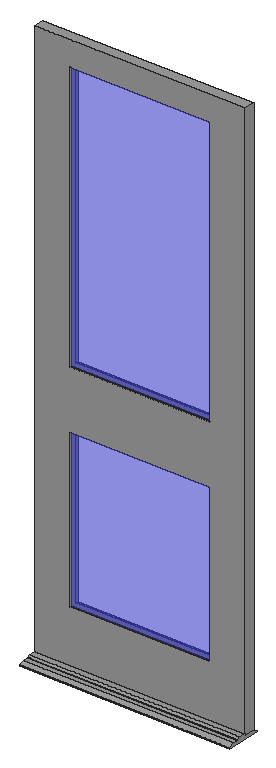
Revit family "WSD-500 DOOR-1-PD-SF-v05", category Curtain Panels, Revit 2015
Parameters
  Width [instance] = 3' - 2"
  URL = "obe.com"
  Rough Width [instance] = 0' - 0"
  Offset [instance] = 0' - 0"
  Model = "WSD-500 DOOR"
  Min-Max Rough Width [instance] = if(and((Rough Width > 2' 11 255/256"), (Rough Width < 3' 6 1/256")), Rough Width, 3' 0")  # 3' - 0"
  Manufacturer = "Oldcastle BuildingEnvelope®"
  Keynote = "08 11 00"
  Height [instance] = 8' - 0"
  Pushbar Height [instance] = 3' - 5 1/4"  # constant formula
  Glass Material = Glass
  Frame Material = Aluminum
  Door Panel Height [instance] = Height + 0' 0 3/8"  # 8' - 0 3/8"
  Description = "WSD-500 - 1\" Door Infill"
  Construction Type = "0"
  Assembly Code = "B2030"
  Analytic Construction = "<None>"
  8 Muntin [instance] = not([6.5 Muntin])  # yes
  6.5 Muntin [instance] = no
Reference planes (in)
  plane 1 "Front": y = 0
  plane 2: z = 0
  plane 3 "Center (Left/Right)": x = 0
  plane 4 "Left": x = -19
  plane 5 "Right": x = 19
  plane 6 "Top": z = 96
  plane 7: x = 18
  plane 8: x = -18
Text (in)
  text "Exterior" at (-54.29358, 31.38743, 0), in view "Ref. Level"
  text "Exterior" at (480, 41.53993, 89.60405), in view "Right"
  text "Exterior" at (-240, 57.82419, 105.78864), in view "Left"
Dimensions and locks (in)
  "Width": plane 4 "Left" to plane 5 "Right"
  "Height": plane 6 "Top" to plane 2
  equal spacing: plane 8, plane 3 "Center (Left/Right)", plane 7
  "Min-Max Rough Width": plane 8 to plane 7
  equal spacing: plane 4 "Left", plane 3 "Center (Left/Right)", plane 5 "Right"
  aligned and locked: level to plane 2
  aligned and locked: plane 1 "Front" to nested 1
  aligned and locked: plane 3 "Center (Left/Right)" to nested 1
Nested families (in)
  nested 1: "WSD-500 DOOR-1-PD-Panel_v05" at (0, -16, 0), 6.5 Muntin <- "6.5 Muntin", Width <- "Min-Max Rough Width", Height <- "Door Panel Height", Frame Material <- "Frame Material", Glass Material <- "Glass Material", Offset <- "Offset", type "WSD DOOR-1-Panel"
    with built-in parameter 1001301 3' - 0", Pushbar Height 3' - 5 1/4", Offset 0' - 0", built-in parameter 1001300 8' - 0 3/8", Glass at Muntin 0' - 8 7/16", Glass Material Glass, Frame Material Aluminum, 8 Muntin yes, 6.5 Muntin no
Definition of nested family "WSD-500 DOOR-1-PD-Panel_v05"
  Parameters (values of type "WSD DOOR-1-Panel")
    Width [instance] = 3' - 6"
    Pushbar Height [instance] = 3' - 5 1/4"  # constant formula
    Offset [instance] = 0' - 1"
    Height [instance] = 8' - 0"
    Glass at Muntin [instance] = if([6.5 Muntin], 0' 6 15/16", 0' 8 7/16")  # 0' - 6 15/16"
    Glass Material [instance] = none
    Frame Material [instance] = none
    Analytic Construction = "<None>"
    8 Muntin [instance] = not([6.5 Muntin])  # no
    6.5 Muntin [instance] = yes
  Reference planes (in)
    plane 1 "00": y = 13.90625
    plane 2: z = 0
    plane 3 "Center (Left/Right)": x = 0
    plane 4: z = 96
    plane 5: x = -21
    plane 6: x = 21
    plane 7 "Center (Front/Back)": y = 16
    plane 8 "Exterior": y = 14.40625
    plane 9: z = 48
    plane 10: z = 92.96875
    plane 11: z = 92.281
    plane 12: z = 8.90625
    plane 13: z = 37.78125
    plane 14: z = 44.71875
    plane 15: x = -15.68725
    plane 16: x = 15.68725
    plane 17 "Offset": y = 15
    plane 18: z = 41.25
  Forms (in)
    Sweep 1, solid, material <- "Frame Material"
      path origin (0, 13.90625, 0) x (1, 0, 0) y (0, 0, 1)
        loop
          line (-20.79725, 96) -> (20.79725, 96)
      profile origin (0, 13.90625, 96) x (0, 0, 1) y (0, -1, 0)
        loop
          line (-4.5, -0.957) -> (-0.375, -0.957) -> (-0.375, 0.793) -> (-4.5, 0.793) -> (-4.5, 0.5) -> (-3.719, 0.5) -> (-3.719, -0.5) -> (-4.5, -0.5) -> (-4.5, -0.957)
    Sweep 2, solid, material <- "Frame Material"
      path origin (0, 13.90625, 0) x (1, 0, 0) y (0, 0, 1)
        loop
          line (20.79725, 0) -> (-20.79725, 0)
      profile origin (0, 13.90625, 0) x (0, 0, -1) y (0, -1, 0)
        loop
          line (0, -1.707) -> (0, 3.918) -> (-0.125, 3.918) -> (-0.5, 3.168) -> (-0.5, 2.3005) -> (-0.562, 2.3005) -> (-0.844, 1.8115) -> (-0.844, 0.8165) -> (-0.5, 0.8165) -> (-0.5, -0.957) -> (-0.125, -1.707) -> (0, -1.707)
        loop
          line (-0.6875, -0.957) -> (-0.6875, 0.793) -> (-9.6875, 0.793) -> (-9.6875, 0.5) -> (-8.9065, 0.5) -> (-8.9065, -0.5) -> (-9.6875, -0.5) -> (-9.6875, -0.957) -> (-0.6875, -0.957)
    Sweep 3, solid, material <- "Frame Material"
      path origin (0, 13.90625, 0) x (1, 0, 0) y (0, 0, 1)
        loop
          line (21, 95.625) -> (21, 0.6875)
      profile origin (21, 13.90625, 48.15625) x (0, -1, 0) y (1, 0, 0)
        loop
          line (-0.957, -6.09375) -> (-0.5, -6.09375) -> (-0.5, -5.31275) -> (0.5, -5.31275) -> (0.5, -6.09375) -> (0.793, -6.09375) -> (0.793, -0.20275) -> (-0.957, -0.09375) -> (-0.957, -6.09375)
    Sweep 4, solid, material <- "Frame Material"
      path origin (0, 13.90625, 0) x (1, 0, 0) y (0, 0, 1)
        loop
          line (-21, 95.625) -> (-21, 0.6875)
      profile origin (-21, 13.90625, 48.15625) x (0, -1, 0) y (1, 0, 0)
        loop
          line (-0.957, 0.09375) -> (0.793, 0.20275) -> (0.793, 6.09375) -> (0.5, 6.09375) -> (0.5, 5.31275) -> (-0.5, 5.31275) -> (-0.5, 6.09375) -> (-0.957, 6.09375) -> (-0.957, 0.09375)
    Sweep 5, solid, material <- "Frame Material"
      path origin (0, 13.90625, 0) x (1, 0, 0) y (0, 0, 1)
        loop
          line (20.79725, 48) -> (-20.79725, 48)
      profile origin (0, 13.90625, 48) x (0, 0, -1) y (0, -1, 0)
        loop
          line (11.00025, -0.957) -> (11.00025, -0.5) -> (10.21875, -0.5) -> (10.21875, 0.5) -> (11.00025, 0.5) -> (11.00025, 0.793) -> (2.50025, 0.793) -> (2.50025, 0.5) -> (3.28125, 0.5) -> (3.28125, -0.5) -> (2.50025, -0.5) -> (2.50025, -0.957) -> (11.00025, -0.957)
    Extrusion 6, solid, material <- "Glass Material", detail levels coarse
      sketch origin (0, 0, 0) x (1, 0, 0) y (0, 1, 0)
        loop
          line (-15.68725, 14.40625) -> (-15.68725, 13.40625) -> (15.68725, 13.40625) -> (15.68725, 14.40625) -> (-15.68725, 14.40625)
      from 44.71875 to 92.281
    Extrusion 7, solid, material <- "Glass Material", detail levels medium+fine
      sketch origin (0, 0, 0) x (1, 0, 0) y (0, 1, 0)
        loop
          line (15.68725, 14.40625) -> (-15.68725, 14.40625) -> (-15.68725, 14.20625) -> (15.68725, 14.20625) -> (15.68725, 14.40625)
        loop
          line (-15.68725, 13.83625) -> (-15.68725, 13.63625) -> (15.68725, 13.63625) -> (15.68725, 13.83625) -> (-15.68725, 13.83625)
        loop
          line (15.68725, 13.60625) -> (-15.68725, 13.60625) -> (-15.68725, 13.40625) -> (15.68725, 13.40625) -> (15.68725, 13.60625)
      from 44.71875 to 92.281
    Extrusion 8, solid, material <- "Glass Material", detail levels coarse
      sketch origin (0, 0, 0) x (1, 0, 0) y (0, 1, 0)
        loop
          line (-15.68725, 14.40625) -> (-15.68725, 13.40625) -> (15.68725, 13.40625) -> (15.68725, 14.40625) -> (-15.68725, 14.40625)
      from 8.90625 to 37.78125
    Extrusion 9, solid, material <- "Glass Material", detail levels medium+fine
      sketch origin (0, 0, 0) x (1, 0, 0) y (0, 1, 0)
        loop
          line (-15.68725, 14.40625) -> (-15.68725, 14.20625) -> (15.68725, 14.20625) -> (15.68725, 14.40625) -> (-15.68725, 14.40625)
        loop
          line (15.68725, 13.83625) -> (-15.68725, 13.83625) -> (-15.68725, 13.63625) -> (15.68725, 13.63625) -> (15.68725, 13.83625)
        loop
          line (-15.68725, 13.60625) -> (-15.68725, 13.40625) -> (15.68725, 13.40625) -> (15.68725, 13.60625) -> (-15.68725, 13.60625)
      from 8.90625 to 37.78125
  Cuts and joins
    joined: Sweep 1, Sweep 2, Sweep 3, Sweep 4, Sweep 5
  Lines and regions (in)
    model lines
      curve 1: line (14.90625, 14.40625, 91.55337) -> (-14.8125, 14.40625, 48)
      curve 2: line (-14.8125, 14.40625, 48) -> (14.90625, 14.40625, 9.7167)
  Dimensions and locks (in)
    equal spacing: level, plane 9, plane 4
    locked: plane 4 to plane 10 at 3.03125
    Extrusion 6 sketch curve to plane 1 "00" to Extrusion 6 sketch curve = 0' - 0 1/2" locked, 0' - 0 1/2" locked
    Extrusion 8 sketch curve to plane 1 "00" to Extrusion 8 sketch curve = 0' - 0 1/2" locked, 0' - 0 1/2" locked
    "Glass at Muntin": plane 13 to plane 14
    locked: plane 11 to plane 4 at 3.719
    plane 12 to plane 2 = 0' - 8 29/32"
    "Height": plane 4 to plane 2
    locked: plane 5 to plane 15 at 5.31275
    locked: plane 16 to plane 6 at 5.31275
    equal spacing: plane 5, plane 3 "Center (Left/Right)", plane 6
    "Width": plane 5 to plane 6
    locked: plane 14 to Sweep 5 sketch curve at 0.781  (x2)
    locked: Sweep 5 sketch curve to plane 13 at 0.7815
    locked: plane 13 to Sweep 5 sketch curve at 0.7815
    plane 1 "00" to plane 8 "Exterior" to plane 17 "Offset" = 0' - 0 1/2" locked, 0' - 0 19/32" locked
    "Offset": plane 17 "Offset" to plane 7 "Center (Front/Back)"
    equal spacing: plane 13, plane 18, plane 14
    "Pushbar Height": plane 2 to plane 18
    Extrusion 7 sketch curve to Extrusion 7 sketch curve to Extrusion 7 sketch curve to Extrusion 7 sketch curve to Extrusion 7 sketch curve to Extrusion 7 sketch curve to plane 17 "Offset" = 0' - 0.2" locked, 0' - 0.03" locked, 0' - 0.2" locked, 0' - 0.37" locked, 0' - 0.2" locked, 0' - 0 19/32" locked
    plane 17 "Offset" to Extrusion 9 sketch curve to Extrusion 9 sketch curve to Extrusion 9 sketch curve to Extrusion 9 sketch curve to Extrusion 9 sketch curve to Extrusion 9 sketch curve = 0' - 0 19/32" locked, 0' - 0.2" locked, 0' - 0.37" locked, 0' - 0.2" locked, 0' - 0.03" locked, 0' - 0.2" locked
    locked: plane 2 to Sweep 3 sketch curve at 0.6875
    locked: plane 2 to Sweep 4 sketch curve at 0.6875
    aligned and locked: plane 2 to level
    aligned and locked: Sweep 1 sketch curve to plane 4
    aligned and locked: Sweep 2 sketch curve to level
    aligned and locked: Sweep 5 sketch curve to plane 9
    aligned and locked: Extrusion 7 to plane 11
    aligned and locked: Extrusion 6 to plane 11
    aligned and locked: plane 14 to Extrusion 7
    aligned and locked: plane 14 to Extrusion 6
    aligned and locked: Extrusion 8 to plane 13
    aligned and locked: Extrusion 9 to plane 13
    aligned and locked: plane 12 to Extrusion 9
    aligned and locked: plane 12 to Extrusion 8
    aligned and locked: Sweep 3 sketch curve to plane 6
    aligned and locked: Sweep 4 sketch curve to plane 5
    aligned and locked: plane 9 to curve 1
    aligned and locked: Sweep 3 sketch curve to Sweep 3 sketch curve
    aligned and locked: plane 8 "Exterior" to Sweep 3 sketch curve
    aligned and locked: Sweep 4 sketch curve to Sweep 4 sketch curve
    aligned and locked: plane 8 "Exterior" to Sweep 4 sketch curve
    aligned and locked: Sweep 3 sketch curve to cut or joined group of Sweep 1, Sweep 2, Sweep 3, Sweep 4, Sweep 5
    aligned and locked: cut or joined group of Sweep 1, Sweep 2, Sweep 3, Sweep 4, Sweep 5 to Sweep 4 sketch curve
    aligned and locked: cut or joined group of Sweep 1, Sweep 2, Sweep 3, Sweep 4, Sweep 5 to Extrusion 9 sketch curve
    aligned and locked: Extrusion 9 sketch curve to Extrusion 9 sketch curve  (x2)
    aligned and locked: Extrusion 7 sketch curve to Extrusion 7 sketch curve  (x4)
    aligned and locked: Extrusion 7 sketch curve to cut or joined group of Sweep 1, Sweep 2, Sweep 3, Sweep 4, Sweep 5
    aligned and locked: Extrusion 6 sketch curve to cut or joined group of Sweep 1, Sweep 2, Sweep 3, Sweep 4, Sweep 5
    aligned and locked: Extrusion 8 sketch curve to cut or joined group of Sweep 1, Sweep 2, Sweep 3, Sweep 4, Sweep 5
    aligned and locked: plane 16 to Extrusion 9  (x2)
    aligned and locked: Extrusion 9 sketch curve to plane 16
    aligned and locked: plane 16 to Extrusion 8
    aligned and locked: plane 16 to Extrusion 6
  Automatic sketch dimensions
    Sweep 1 sketch curve to plane 1 "00" = 0' - 0.957"
    profile plane to Sweep 1 sketch curve = 0' - 4 1/2"
    Sweep 1 sketch curve to Sweep 1 sketch curve = 0' - 0"
    Sweep 1 sketch curve to Sweep 1 sketch curve = 0' - 0.781"
    profile plane to Sweep 1 sketch curve = 0' - 0 3/8"
    Sweep 1 sketch curve to Sweep 1 sketch curve = 0' - 0.457"
    plane 1 "00" to Sweep 1 sketch curve = 0' - 0 1/2"
    Sweep 1 sketch curve to Sweep 1 sketch curve = 0' - 0.293"
    Sweep 5 sketch curve to Sweep 5 sketch curve = 0' - 0.781"
    Sweep 5 sketch curve to Sweep 5 sketch curve = 0' - 0.7815"
    Sweep 5 sketch curve to plane 1 "00" = 0' - 0.957"
    Sweep 5 sketch curve to Sweep 5 sketch curve = 0' - 0.457"  (x2)
    plane 1 "00" to Sweep 5 sketch curve = 0' - 0 1/2"  (x2)
    Sweep 5 sketch curve to Sweep 5 sketch curve = 0' - 0.293"
    profile plane to Sweep 2 sketch curve = 0' - 0 1/2"
    Sweep 2 sketch curve to plane 1 "00" = 0' - 0.957"  (x2)
    Sweep 2 sketch curve to Sweep 2 sketch curve = 0' - 0 1/8"
    Sweep 2 sketch curve to Sweep 2 sketch curve = 0' - 0 3/4"
    plane 1 "00" to Sweep 2 sketch curve = 0' - 3.918"
    profile plane to Sweep 2 sketch curve = 0' - 0 1/8"
    Sweep 2 sketch curve to Sweep 2 sketch curve = 0' - 1.6175"
    Sweep 2 sketch curve to Sweep 2 sketch curve = 0' - 0.282"
    Sweep 2 sketch curve to Sweep 2 sketch curve = 0' - 0.062"
    Sweep 2 sketch curve to Sweep 2 sketch curve = 0' - 0.489"
    Sweep 2 sketch curve to Sweep 2 sketch curve = 0' - 0.8675"
    plane 1 "00" to Sweep 2 sketch curve = 0' - 0.793"
    Sweep 2 sketch curve to Sweep 2 sketch curve = 0' - 0"
    Sweep 2 sketch curve to Sweep 2 sketch curve = 0' - 0.293"
    Sweep 2 sketch curve to Sweep 2 sketch curve = 0' - 0.457"
    Sweep 2 sketch curve to Sweep 2 sketch curve = 0' - 0.781"
    Sweep 2 sketch curve to profile plane = 0' - 0"
    plane 15 to curve 1 = 0' - 0.87475"
    curve 2 to plane 16 = 0' - 0.781"
    curve 1 to plane 16 = 0' - 0.781"
    curve 2 to plane 12 = 0' - 0.81045"
    plane 11 to curve 1 = 0' - 0.72763"
    Sweep 2 sketch curve to Sweep 2 sketch curve = 0' - 0.1565"
    Sweep 2 sketch curve to Sweep 2 sketch curve = 0' - 8 1/16"
    Sweep 2 sketch curve to Sweep 2 sketch curve = 0' - 0.0235"
    Sweep 2 sketch curve to Sweep 2 sketch curve = 0' - 0 3/16"
    profile plane to Sweep 3 sketch curve = 0' - 0.20275"
    profile plane to Sweep 3 sketch curve = 0' - 0 3/32"
    plane 5 to Sweep 2 sketch curve = 0' - 0.20275"
    Sweep 2 sketch curve to plane 6 = 0' - 0.20275"
    plane 5 to Sweep 1 sketch curve = 0' - 0.20275"
    Sweep 1 sketch curve to plane 6 = 0' - 0.20275"
    plane 5 to Sweep 5 sketch curve = 0' - 0.20275"
    Sweep 5 sketch curve to plane 6 = 0' - 0.20275"
    Extrusion 7 sketch curve to plane 16 = 0' - 0"
    Extrusion 9 sketch curve to plane 16 = 0' - 0"  (x2)
    Extrusion 6 sketch curve to plane 16 = 0' - 0"
    Extrusion 8 sketch curve to plane 16 = 0' - 0"
    Sweep 3 sketch curve to Sweep 3 sketch curve = 0' - 0.457"
    plane 1 "00" to Sweep 3 sketch curve = 0' - 0 1/2"
    Sweep 3 sketch curve to Sweep 3 sketch curve = 0' - 0.293"
    Sweep 3 sketch curve to Sweep 3 sketch curve = 0' - 5.11"
    Sweep 3 sketch curve to Sweep 3 sketch curve = 0' - 0.781"
    Sweep 4 sketch curve to profile plane = 0' - 0 3/32"
    Sweep 4 sketch curve to plane 1 "00" = 0' - 0.957"
    plane 1 "00" to Sweep 4 sketch curve = 0' - 0 1/2"
    Sweep 4 sketch curve to Sweep 4 sketch curve = 0' - 0.293"
    Sweep 4 sketch curve to profile plane = 0' - 0.20275"
    Sweep 4 sketch curve to Sweep 4 sketch curve = 0' - 5.11"
    Sweep 4 sketch curve to Sweep 4 sketch curve = 0' - 0.781"
